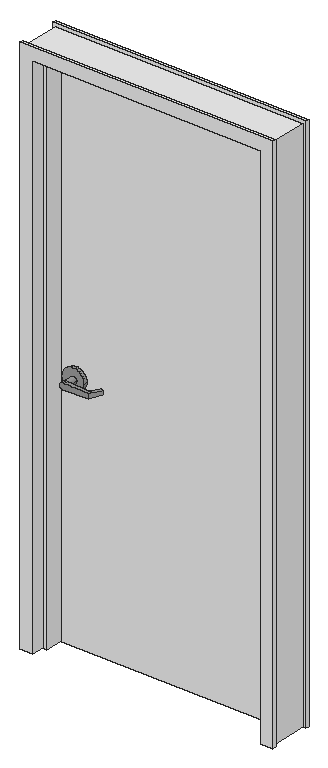
Revit family "Single Door - Swing", category Doors, host Wall, Revit 2022
Family settings
  Host = Wall
  OmniClass Number = 23.30.10.00
  OmniClass Title = Doors
  Always vertical = Yes
  Cut with Voids When Loaded = No
  Shared = No
  Room Calculation Point = No
Parameters (values of type "FL-HM 36x84")
  w1 = if(Exterior, 0' 6", 0' 0")  # 0' - 0"
  Width = 3' - 0"
  Visual Light Transmittance = 0
  URL = ""
  Type Comments = "FL"
  Thickness = 0' - 1 3/4"
  Thermal Resistance (R) = 1.5338 (h·ft²·°F)/BTU
  Solar Heat Gain Coefficient = 0
  Rabbet Depth = Thickness + 0' 0 3/16"  # 0' - 1 15/16"
  Panel Type = Panel : FL
  Panel 180 [instance] = Angle = 180.00°  # no
  Occupant Load [instance] = rounddown(Width / 0' 0 51/256")  # 180
  Model = ""
  Manufacturer = ""
  Keynote = ""
  Height = 7' - 0"
  Heat Transfer Coefficient (U) = 0.6520 BTU/(h·ft²·°F)
  Hardware Height [instance] = 3' - 2"  # constant formula
  Hardware (Push Side) [instance] = Hardware_Lever : Hardware_Lever
  Hardware (Pull Side) [instance] = Hardware_Lever : Hardware_Lever
  Function = Interior
  Frame Outset = 0' - 0 1/2"
  Fire Rating [instance] = ""
  Exterior = no
  Existing [instance] = no
  Description = ""
  Define Thermal Properties by = Schematic Type
  Construction Type = "FL"
  Closer [instance] = yes
  Clearance - Push [instance] = if(Closer, Width + w1 + 1' 0", Width)  # 4' - 0"
  Clearance - Pull [instance] = Width + w1 + 1' 6"  # 4' - 6"
  Assembly Code = "C1020"
  Angle Swing [instance] = Angle Shown + 1.00°  # 91.00°
  Angle Shown [instance] = if(Existing, 45.00°, Angle)  # 90.00°
  Angle [instance] = 90.00°
  Analytic Construction = "Metal"
  ADA Push Side [instance] = yes
  ADA Push [instance] = if(Existing, 1 < 0, ADA Push Side)  # yes
  ADA Pull Side [instance] = yes
  ADA Pull [instance] = if(Existing, 1 < 0, ADA Pull Side)  # yes
  5 ft = 5' - 0"  # constant formula
  4 ft = 4' - 0"  # constant formula
  (mat) Panel2 [instance] = WD-1
  (mat) Panel Glazing [instance] = GL-2 (interior)
  (mat) Panel [instance] = HM-1
  (mat) Hardware = Default
  (mat) Frame [instance] = HM-1
Reference planes (in)
  plane 1: y = 0
  plane 2 "Center (Left/Right)": x = -1
  plane 3 "Wall Edge": y = 3
  plane 4 "Strike": x = -19
  plane 5 "Hinge": x = 17
  plane 6 "Top": z = 84
  plane 7 "Frame Opening Head": z = 86
  plane 8: y = -3
  plane 9 "FO Panel Pull": y = 3.5
  plane 10 "FO Panel Push": y = 1.25
  plane 11: x = 22
Text (in)
  text "Placement Side" at (0, 40.15149, 123.01588), in view "Right"
  text "Placement Side" at (-70.3804, 28.46503, 0), in view "Ref. Level"
  text "Placement Side" at (0, 81.62555, 140.59947), in view "Left"
Dimensions and locks (in)
  locked: plane 3 "Wall Edge" to host wall
  equal spacing: plane 5 "Hinge", plane 2 "Center (Left/Right)", plane 4 "Strike"
  "Width": plane 5 "Hinge" to plane 4 "Strike"
  "Height": level to plane 6 "Top"
  locked: plane 6 "Top" to plane 7 "Frame Opening Head" at 2
  "Frame Outset": plane 3 "Wall Edge" to plane 9 "FO Panel Pull"
  "Thickness": plane 3 "Wall Edge" to plane 10 "FO Panel Push"
  locked: plane 4 "Strike" to nested 4 at 3
  "Hardware Height": level to nested 4
  locked: plane 4 "Strike" to nested 3 at 3
  locked: plane 5 "Hinge" to plane 11 at 5
  aligned and locked: nested 1 to plane 5 "Hinge"
  aligned and locked: plane 8 to host wall
  aligned and locked: plane 2 "Center (Left/Right)" to nested 2
  aligned and locked: plane 3 "Wall Edge" to nested 1
  aligned and locked: plane 3 "Wall Edge" to nested 5
  aligned and locked: nested 5 to plane 5 "Hinge"
  aligned and locked: plane 8 to nested 6
  aligned and locked: plane 5 "Hinge" to nested 6
Nested families (in)
  nested 1: "Panel" at (-19, 3, 0), Width <- "Width", Thickness <- "Thickness", Height <- "Height", type <- "Panel Type", Angle <- "Angle Shown", (mat) Glass <- "(mat) Panel Glazing", (mat) Panel <- "(mat) Panel", (mat) Panel2 <- "(mat) Panel2", type "FL"
    with not 180 Panel yes, Width 3' - 0", Thickness 0' - 1 3/4", Swing yes, Height 7' - 0", Glass Width 1' - 6", Glass Thickness 0' - 0 3/4", Glass Height 2' - 9", Angle Swing 91.00°, Angle 90.00°, 180 Panel no, (mat) Panel2 WD-1, (mat) Panel HM-1, (mat) Glass GL-2 (interior)
  nested 2: "Frame-HM-001" at (1, 1.76059, 0), Width <- "Width", Height <- "Height", Panel Thickness <- "Rabbet Depth", (mat) Frame <- "(mat) Frame", type "Frame-HM-001"
    with Width 3' - 0", Panel Thickness 0' - 1 15/16", Height 7' - 0", Clip Length 0' - 6", (mat) Frame HM-1
  nested 3: "Hardware_Lever" at (-16, 1.25, 38) x (1, 0, 0) z (0, -1, 0), type <- "Hardware (Push Side)", type "Hardware_Lever"
  nested 4: "Hardware_Lever" at (-16, 3, 38) x (1, 0, 0) z (0, 1, 0), type <- "Hardware (Pull Side)", type "Hardware_Lever"
  nested 5: "Clearance - Rect" at (-10, 33, 0), L1 <- "Clearance - Pull", L2 <- "5 ft", visible <- "ADA Pull", type "Clearance - Rect"
    with L2 5' - 0", L1 4' - 6"
  nested 6: "Clearance - Rect" at (-7, -27, 0), L1 <- "Clearance - Push", L2 <- "4 ft", visible <- "ADA Push", type "Clearance - Rect"
    with L2 4' - 0", L1 4' - 0"
Definition of nested family "Panel"
  Parameters (values of type "FL")
    not 180 Panel [instance] = not([180 Panel])  # yes
    Swing [instance] = yes
    Glass Height [instance] = if([4" VP], Glass Height Input, Height - Rail Head - Rail Bottom)  # 2' - 9"
    Description = "Wood Door with Frame"
    Define Thermal Properties by = 1
    4" VP = no
    Width [instance] = 3' - 0"
    URL = ""
    Type Comments = ""
    Thickness [instance] = 0' - 1 3/4"
    Style Right = Style Left  # 0' - 9"
    Style Left = 0' - 9"
    Rail Head = 0' - 9"
    Rail Bottom = 3' - 6"
    Manufacturer = ""
    Height [instance] = 7' - 0"
    Glass Width [instance] = if([4" VP], Glass Width Input, Width - Style Left - Style Right)  # 1' - 6"
    Glass Width Input = 0' - 4"
    Glass Thickness [instance] = 0' - 0 3/4"
    Glass Height Input = 2' - 1"
    Function = (empty or 0)
    Construction Type = ""
    Assembly Code = ""
    Angle Swing [instance] = Angle + 1.00°  # 31.00°
    Angle [instance] = 30.00°
    Analytic Construction = "<None>"
    180 Panel [instance] = Angle = 180.00°  # no
    (mat) Panel2 [instance] = none
    (mat) Panel [instance] = none
    (mat) Glass [instance] = none
  Reference planes (in)
    plane 1 "Exterior": y = 0
    plane 2 "Bottom": z = 0
    plane 3 "Strike": x = 0
    plane 4 "Interior": y = -1.75
    plane 5 "Hinge": x = 36
    plane 6 "Top": z = 84
    plane 7 "Panel Center of Thickness": y = -0.875
    plane 8 "Glass Interior": y = -1.25
    plane 9 "Glass Exterior": y = -0.5
  Forms (in)
    Extrusion 1, solid, material <- "(mat) Panel"
      sketch origin (0, 0, 0) x (1, 0, 0) y (0, 0, 1)
        loop
          line (0, 84) -> (0, 0) -> (36, 0) -> (36, 84) -> (0, 84)
      from 0 to 1.75
  Lines and regions (in)
    reference lines
      curve 1: line (36, 0, 0) -> (-17.69358, 31, 0)
      curve 3: line (36, 0, 0) -> (33.25, -4.76314, 0)
    symbolic lines, visible <- "Swing"
      curve 2: arc (0, 0, 0) -> (1.3093, 9.62058, 0) -> (5.14198, 18.54137, 0) r 36
      curve 4: line (0, -0.875, 84) -> (36, -0.875, 42)
      curve 5: line (36, -0.875, 42) -> (0, -0.875, 0)
    symbolic lines, visible <- "180 Panel"
      curve 6: line (36, 2, 0) -> (72, 2, 0)
  Dimensions and locks (in)
    "Width": plane 3 "Strike" to plane 5 "Hinge"
    "Thickness": plane 4 "Interior" to plane 1 "Exterior"
    "Height": plane 6 "Top" to plane 2 "Bottom"
    equal spacing: plane 4 "Interior", plane 7 "Panel Center of Thickness", plane 1 "Exterior"
    "Glass Thickness": plane 9 "Glass Exterior" to plane 8 "Glass Interior"
    equal spacing: plane 9 "Glass Exterior", plane 7 "Panel Center of Thickness", plane 8 "Glass Interior"
    equal spacing: plane 6 "Top", curve 5, plane 2 "Bottom"
    locked: plane 1 "Exterior" to curve 6 at 2
    "Width": plane 5 "Hinge" to curve 6
    "Width": radius of curve 2
    "Angle Swing": angle curve 2 to curve 2
    "Angle": angle curve 1 to plane 1 "Exterior"
    locked: curve 1 to curve 3 (angle 90.00°)
    aligned and locked: plane 3 "Strike" to Extrusion 1 sketch curve
    aligned and locked: Extrusion 1 sketch curve to plane 6 "Top"
    aligned and locked: level to Extrusion 1 sketch curve
    aligned and locked: Extrusion 1 sketch curve to plane 5 "Hinge"
    aligned and locked: Extrusion 1 to plane 1 "Exterior"
    aligned and locked: plane 4 "Interior" to Extrusion 1
    aligned and locked: level to plane 2 "Bottom"
    aligned and locked: nested 1 to curve 1
    aligned and locked: plane 1 "Exterior" to curve 1
    aligned and locked: plane 5 "Hinge" to curve 1
    aligned and locked: plane 5 "Hinge" to curve 6
  Automatic sketch dimensions
    curve 5 to plane 5 "Hinge" = 0' - 0"
    curve 5 to level = 0' - 0"
    curve 5 to plane 3 "Strike" = 0' - 0"
    curve 4 to plane 3 "Strike" = 0' - 0"
    curve 4 to plane 6 "Top" = 0' - 0"
    plane 1 "Exterior" to curve 2 = 0' - 0"
    curve 2 to plane 3 "Strike" = 0' - 0"
  Nested families (in)
    nested 1: "Panel Plan" at (36, 0, 0) x (-0.866, 0.5, 0) z (0, 0, 1), Width <- "Width", Thickness <- "Thickness", visible <- "not 180 Panel", type "Panel Plan"
      with Width 3' - 0", Thickness 0' - 1 3/4"
  Definition of nested family "Panel Plan"
    Parameters (values of type "Panel Plan")
      Width [instance] = 3' - 0"
      Thickness [instance] = 0' - 1 3/4"
    Reference planes (in)
      plane 1 "Front": y = 0
      plane 2: z = 0
      plane 3 "Left": x = 0
    Lines and regions (in)
      detail lines, in view "Ref. Level"
        curve 1: line (0, 0, 0) -> (36, 0, 0)
        curve 2: line (0, -1.75, 0) -> (0, 0, 0)
        curve 3: line (36, -1.75, 0) -> (0, -1.75, 0)
        curve 4: line (36, 0, 0) -> (36, -1.75, 0)
    Dimensions and locks (in)
      "Thickness": curve 1 to curve 3
      "Width": curve 4 to curve 2
    Automatic sketch dimensions
      curve 3 to plane 3 "Left" = 0' - 0"
      plane 1 "Front" to curve 2 = 0' - 0"
Definition of nested family "Frame-HM-001"
  Parameters (values of type "Frame-HM-001")
    Width [instance] = 3' - 0"
    URL = ""
    Type Comments = ""
    Stop Thickness = 0' - 0 5/8"
    Solar Heat Gain Coefficient = 0
    Product Documentation Link = ""
    Panel Thickness [instance] = 0' - 1 15/16"
    Manufacturer = ""
    Keynote = ""
    Height [instance] = 7' - 0"
    Frame Width Head Face = Frame Width Face  # 0' - 2"
    Frame Width Head = 0' - 1 1/2"
    Frame Width Face = Frame Width + 0' 0 1/2"  # 0' - 2"
    Frame Width = 0' - 1 1/2"
    Description = ""
    Define Thermal Properties by = 1
    Copyright © = ""
    Clip Length [instance] = 0' - 6"
    Backbend Depth = 0' - 0 1/2"
    Assembly Code = ""
    Analytic Construction = "<None>"
    (mat) Frame [instance] = none
  Reference planes (in)
    plane 1: y = -1.76059
    plane 2 "Center (Left/Right)": x = -2
    plane 3 "Wall Edge": y = 0.86441
    plane 4 "Strike": x = -20
    plane 5 "Hinge": x = 16
    plane 6 "Top": z = 84
    plane 7 "Frame-Opening-Right": x = 17.5
    plane 8 "Frame-Opening-Left": x = -21.5
    plane 9 "Frame-Opening-Head": z = 85.5
    plane 10 "Frame-Stop-Exterior": y = -0.57309
    plane 11 "Frame-Stop-Interior": y = -2.94809
    plane 12 "Frame-Stop-Right": x = 15.375
    plane 13 "Frame-Stop-Left": x = -19.375
    plane 14 "Frame-Stop-Head": z = 83.375
    plane 15 "Frame-Wraparound-Exterior": y = 1.36441
    plane 16 "Frame-Backbend-Left": x = -22
    plane 17 "Frame-Backbend-Right": x = 18
    plane 18 "Frame-Wraparound-Interior": y = -4.88559
    plane 19 "Frame-Backbend-Top": z = 86
    plane 20 "Frame-Sill-Bottom": z = 0
    plane 21: y = -4.38559
  Forms (in)
    Sweep 1, solid, material <- "(mat) Frame"
      path in 3D
        loop
          line (16, 0.86441, 0) -> (16, 0.86441, 84) -> (-20, 0.86441, 84) -> (-20, 0.86441, 0)
      profile origin (16, 0.86441, 42) x (0, 1, 0) y (-1, 0, 0)
        loop
          line (0.5, -2) -> (0.5, 0) -> (-1.4375, 0) -> (-1.4375, 0.625) -> (-3.8125, 0.625) -> (-3.8125, 0) -> (-5.75, 0) -> (-5.75, -2) -> (-5.25, -2) -> (-5.25, -1.5) -> (0, -1.5) -> (0, -2) -> (0.5, -2)
  Lines and regions (in)
    Opening 1
      outline origin (-60, -4.38559, 0) x (1, 0, 0) y (0, 0, 1)
        loop
          line (76, 0) -> (76, 84) -> (40, 84) -> (40, 0) -> (76, 0)
    sketch lines
      curve 1: line (16, 0.86441, 0) -> (16, 0.86441, 84)
      curve 2: line (16, 0.86441, 84) -> (-20, 0.86441, 84)
      curve 3: line (-20, 0.86441, 84) -> (-20, 0.86441, 0)
  Text (in)
    text "Placement Side" at (0, 40.15149, 123.01588), in view "Right"
    text "Placement Side" at (-70.3804, 28.46503, 0), in view "Ref. Level"
    text "Placement Side" at (0, 81.62555, 140.59947), in view "Left"
  Dimensions and locks (in)
    locked: plane 3 "Wall Edge" to host wall
    equal spacing: plane 5 "Hinge", plane 2 "Center (Left/Right)", plane 4 "Strike"
    "Width": plane 5 "Hinge" to plane 4 "Strike"
    "Height": level to plane 6 "Top"
    "Frame Width": plane 7 "Frame-Opening-Right" to plane 5 "Hinge"
    "Frame Width": plane 4 "Strike" to plane 8 "Frame-Opening-Left"
    "Frame Width": plane 6 "Top" to plane 9 "Frame-Opening-Head"
    "Panel Thickness": plane 15 "Frame-Wraparound-Exterior" to plane 10 "Frame-Stop-Exterior"
    "Panel Thickness": plane 11 "Frame-Stop-Interior" to plane 18 "Frame-Wraparound-Interior"
    "Stop Thickness": plane 14 "Frame-Stop-Head" to plane 6 "Top"
    "Stop Thickness": plane 12 "Frame-Stop-Right" to plane 5 "Hinge"
    "Stop Thickness": plane 13 "Frame-Stop-Left" to plane 4 "Strike"
    "Frame Width Face": plane 5 "Hinge" to plane 17 "Frame-Backbend-Right"
    "Backbend Depth": plane 15 "Frame-Wraparound-Exterior" to host wall
    "Backbend Depth": plane 18 "Frame-Wraparound-Interior" to host wall
    locked: level to plane 20 "Frame-Sill-Bottom"
    "Frame Width Face": plane 4 "Strike" to plane 16 "Frame-Backbend-Left"
    "Frame Width Head Face": plane 19 "Frame-Backbend-Top" to plane 6 "Top"
    equal spacing: plane 3 "Wall Edge", host wall, plane 21
    aligned and locked: plane 21 to host wall
    aligned and locked: plane 3 "Wall Edge" to nested 1
    aligned and locked: nested 1 to plane 21
    aligned and locked: nested 1 to plane 4 "Strike"
    aligned and locked: nested 2 to plane 5 "Hinge"
    aligned and locked: nested 2 to plane 3 "Wall Edge"
    aligned and locked: plane 21 to nested 2
    aligned and locked: Opening 1 sketch curve to plane 5 "Hinge"
    aligned and locked: plane 6 "Top" to Opening 1 sketch curve
    aligned and locked: plane 4 "Strike" to Opening 1 sketch curve
    aligned and locked: Opening 1 sketch curve to plane 20 "Frame-Sill-Bottom"
    aligned and locked: plane 15 "Frame-Wraparound-Exterior" to Sweep 1 sketch curve
    aligned and locked: profile plane to Sweep 1 sketch curve  (x3)
    aligned and locked: plane 10 "Frame-Stop-Exterior" to Sweep 1 sketch curve
    aligned and locked: plane 12 "Frame-Stop-Right" to Sweep 1 sketch curve
    aligned and locked: Sweep 1 sketch curve to plane 11 "Frame-Stop-Interior"
    aligned and locked: plane 18 "Frame-Wraparound-Interior" to Sweep 1 sketch curve
    aligned and locked: Sweep 1 sketch curve to plane 17 "Frame-Backbend-Right"  (x2)
    aligned and locked: Sweep 1 sketch curve to plane 7 "Frame-Opening-Right"
    aligned and locked: plane 21 to Sweep 1 sketch curve
  Nested families (in)
    nested 1: "(08 12 00) Door Frame (section)" at (-20.86281, -2.26059, 0) x (0, -1, 0) z (0, 0, 1), type "Door Frame"
      with Z Clip Length 0' - 4", Width 0' - 5 1/4", Jamb Clip 2 no, Jamb Clip 1 yes
    nested 2: "(08 12 00) Door Frame (section)" at (16.86281, -2.26059, 0) x (0, -1, 0) z (0, 0, 1), type "Door Frame"
      with Z Clip Length 0' - 4", Width 0' - 5 1/4", Jamb Clip 2 no, Jamb Clip 1 yes
  Definition of nested family "(08 12 00) Door Frame (section)"
    Parameters (values of type "Door Frame")
      Z Clip Length [instance] = 0' - 4"
      Width [instance] = 0' - 5 1/4"
      Rabbit = 0' - 1 15/16"
      Jamb Clip 1 [instance] = yes
      Jamb Clip 2 [instance] = no
      Assembly Code = ""
    Reference planes (in)
      plane 1 "Center (Front/Back)": y = 0
      plane 2: z = 0
      plane 3 "Center (Left/Right)": x = -0.5
      plane 4: x = -3.625
      plane 5: x = 2.625
      plane 6: x = -1.6875
      plane 7: x = 0.6875
      plane 8: x = -3.125
      plane 9: x = 2.125
      plane 10: y = 1.12794
      plane 11: y = 0.62794
      plane 12: y = -0.73781
      plane 13: y = -0.86281
      plane 14: x = -2.5
      plane 15: x = 1.5
    Lines and regions (in)
      Masking region 1, in view "Ref. Level", detail levels fine
        outline origin (0, 0, 0) x (1, 0, 0) y (0, 1, 0)
          loop
            line (-3.125, 1.12794) -> (-3.625, 1.12794) -> (-3.625, -0.86281) -> (-1.6875, -0.86281) -> (-1.6875, -1.48781) -> (0.6875, -1.48781) -> (0.6875, -0.86281) -> (2.625, -0.86281) -> (2.625, 1.12794) -> (2.125, 1.12794) -> (2.125, 0.75294) -> (2.25, 0.75294) -> (2.25, 1.00294) -> (2.5, 1.00294) -> (2.5, -0.73781) -> (0.5625, -0.73781) -> (0.5625, -1.36281) -> (-1.5625, -1.36281) -> (-1.5625, -0.73781) -> (-3.5, -0.73781) -> (-3.5, 1.00294) -> (-3.25, 1.00294) -> (-3.25, 0.75294) -> (-3.125, 0.75294) -> (-3.125, 1.12794)
      Masking region 2, in view "Ref. Level", detail levels medium
        outline origin (0, 0, 0) x (1, 0, 0) y (0, 1, 0)
          loop
            line (-3.125, 1.12794) -> (-3.625, 1.12794) -> (-3.625, -0.86281) -> (-1.6875, -0.86281) -> (-1.6875, -1.48781) -> (0.6875, -1.48781) -> (0.6875, -0.86281) -> (2.625, -0.86281) -> (2.625, 1.12794) -> (2.125, 1.12794) -> (2.125, 0.75294) -> (2.3125, 0.75294) -> (2.3125, 0.94044) -> (2.4375, 0.94044) -> (2.4375, -0.67531) -> (0.5, -0.67531) -> (0.5, -1.30031) -> (-1.5, -1.30031) -> (-1.5, -0.67531) -> (-3.4375, -0.67531) -> (-3.4375, 0.94044) -> (-3.3125, 0.94044) -> (-3.3125, 0.75294) -> (-3.125, 0.75294) -> (-3.125, 1.12794)
      Masking region 3, in view "Ref. Level", visible <- "Jamb Clip 1", detail levels fine
        outline origin (0, 0, 0) x (1, 0, 0) y (0, 1, 0)
          loop
            line (-2.5, 0.62938) -> (-2.5, -0.67531) -> (1.5, -0.67531) -> (1.5, 0.62938) -> (-2.5, 0.62938)
      Masking region 4, in view "Ref. Level", detail levels fine
        outline origin (0, 0, 0) x (1, 0, 0) y (0, 1, 0)
          loop
            line (-1.5625, -1.36281) -> (0.5625, -1.36281) -> (0.5625, -0.73781) -> (-1.5625, -0.73781) -> (-1.5625, -1.36281)
      Masking region 5, in view "Ref. Level", detail levels medium
        outline origin (0, 0, 0) x (1, 0, 0) y (0, 1, 0)
          loop
            line (-1.5, -1.30031) -> (0.5, -1.30031) -> (0.5, -0.73781) -> (-1.5, -0.73781) -> (-1.5, -1.30031)
      Masking region 6, in view "Ref. Level", detail levels medium+fine
        outline origin (0, 0, 0) x (1, 0, 0) y (0, 1, 0)
          loop
            line (-3.4375, 0.62794) -> (-3.4375, -0.67531) -> (2.4375, -0.67531) -> (2.4375, 0.62794) -> (-3.4375, 0.62794)
      Masking region 7, in view "Ref. Level", visible <- "Jamb Clip 2", detail levels medium+fine
        outline origin (0, 0, 0) x (1, 0, 0) y (0, 1, 0)
          loop
            line (-1.5, -1.30031) -> (0.5, -1.30031) -> (0.5, 0.62794) -> (-1.5, 0.62794) -> (-1.5, -1.30031)
      Masking region 8, in view "Ref. Level", not visible, detail levels coarse
        outline origin (0, 0, 0) x (1, 0, 0) y (0, 1, 0)
          loop
            line (-3.625, 1.12794) -> (-3.625, -0.86281) -> (2.625, -0.86281) -> (2.625, 1.12794) -> (-3.625, 1.12794)
      detail lines, in view "Ref. Level", visible <- "Jamb Clip 1", detail levels fine
        curve 1: line (-2.5, -0.67531, 0) -> (1.5, -0.67531, 0)
        curve 2: line (-2.5, 0.62938, 0) -> (1.5, 0.62938, 0)
        curve 3: line (1.5, 0.50438, 0) -> (-2.5, 0.50438, 0)
        curve 16: line (-2.5, -0.55031, 0) -> (1.5, -0.55031, 0)
        curve 17: line (-2.5, 0.62938, 0) -> (-2.5, -0.67531, 0)
        curve 18: line (1.5, 0.62938, 0) -> (1.5, -0.67531, 0)
      detail lines, in view "Ref. Level", detail levels medium+fine
        curve 4: line (-1.75, -1.98781, 0) -> (-1.75, -0.98781, 0)
        curve 5: line (-1.75, -0.98781, 0) -> (-3.5625, -0.98781, 0)
        curve 6: line (-3.5625, -0.98781, 0) -> (-3.5625, -1.98781, 0)
        curve 7: line (-3.125, 1.12794, 0) -> (-3.625, 1.12794, 0)
        curve 8: line (-3.625, 1.12794, 0) -> (-3.625, -0.86281, 0)
        curve 9: line (-3.625, -0.86281, 0) -> (-1.6875, -0.86281, 0)
        curve 10: line (-1.6875, -0.86281, 0) -> (-1.6875, -1.48781, 0)
        curve 11: line (-1.6875, -1.48781, 0) -> (0.6875, -1.48781, 0)
        curve 12: line (0.6875, -1.48781, 0) -> (0.6875, -0.86281, 0)
        curve 13: line (0.6875, -0.86281, 0) -> (2.625, -0.86281, 0)
        curve 14: line (2.625, -0.86281, 0) -> (2.625, 1.12794, 0)
        curve 15: line (2.625, 1.12794, 0) -> (2.125, 1.12794, 0)
      detail lines, in view "Ref. Level", visible <- "Jamb Clip 1", detail levels medium
        curve 19: line (-2.5, -0.48781, 0) -> (1.5, -0.48781, 0)
      detail lines, in view "Ref. Level", visible <- "Jamb Clip 2", detail levels fine
        curve 20: line (-1.5, 0.50438, 0) -> (0.5, 0.50438, 0)
        curve 21: line (-1.5, -1.17531, 0) -> (0.5, -1.17531, 0)
      detail lines, in view "Ref. Level", visible <- "Jamb Clip 2", detail levels medium
        curve 22: line (-1.5, -1.11281, 0) -> (0.5, -1.11281, 0)
      detail lines, in view "Ref. Level", not visible, detail levels coarse
        curve 23: line (-3.125, 1.12794, 0) -> (2.125, 1.12794, 0)
    Dimensions and locks (in)
      Masking region 1 to Masking region 1 = 0' - 1.99075"
      equal spacing: plane 4, plane 3 "Center (Left/Right)", plane 5
      "Rabbit": plane 4 to plane 6
      "Rabbit": plane 7 to plane 5
      locked: plane 4 to plane 8 at 0.5
      locked: plane 9 to plane 5 at 0.5
      locked: plane 10 to plane 11 at 0.5
      curve 2 to plane 12 = 0' - 1 47/128"
      curve 2 to curve 3 = 0' - 0 1/8"
      "Width": plane 8 to plane 9
      equal spacing: plane 14, plane 3 "Center (Left/Right)", plane 15
      "Z Clip Length": plane 14 to plane 15
      aligned and locked: plane 6 to Masking region 1 sketch curve
      aligned and locked: Masking region 1 sketch curve to plane 7
      aligned and locked: plane 9 to Masking region 1
      aligned and locked: Masking region 1 to plane 8
      aligned and locked: plane 10 to Masking region 1
      aligned and locked: Masking region 2 sketch curve to Masking region 1
      aligned and locked: Masking region 2 to plane 4
      aligned and locked: plane 6 to Masking region 2
      aligned and locked: plane 5 to Masking region 2
      aligned and locked: plane 10 to Masking region 2  (x2)
      aligned and locked: Masking region 3 sketch curve to curve 17
      aligned and locked: Masking region 3 sketch curve to curve 1
      aligned and locked: Masking region 3 sketch curve to curve 18
      aligned and locked: Masking region 3 sketch curve to curve 2
      aligned and locked: curve 1 to Masking region 2
      aligned and locked: Masking region 4 sketch curve to Masking region 1  (x3)
      aligned and locked: Masking region 4 sketch curve to plane 12
      aligned and locked: Masking region 5 sketch curve to Masking region 2  (x2)
      aligned and locked: Masking region 2 to Masking region 5 sketch curve
      aligned and locked: Masking region 5 sketch curve to plane 12
      aligned and locked: curve 17 to plane 14
      aligned and locked: curve 18 to plane 15
      aligned and locked: Masking region 6 sketch curve to plane 11
      aligned and locked: Masking region 7 sketch curve to Masking region 2  (x2)
      aligned and locked: plane 11 to Masking region 7 sketch curve
      aligned and locked: Masking region 7 sketch curve to Masking region 5
      aligned and locked: curve 20 to curve 3
      aligned and locked: plane 8 to curve 23
      aligned and locked: plane 9 to curve 23
      aligned and locked: Masking region 6 sketch curve to curve 1
      aligned and locked: Masking region 6 sketch curve to Masking region 2  (x2)
      aligned and locked: Masking region 8 sketch curve to curve 7
      aligned and locked: Masking region 8 sketch curve to curve 8
      aligned and locked: Masking region 8 sketch curve to curve 13
      aligned and locked: Masking region 8 sketch curve to curve 14
      aligned and locked: curve 23 to plane 10
    Automatic sketch dimensions
      Masking region 1 sketch curve to plane 4 = 0' - 0"
      Masking region 1 sketch curve to plane 12 = 0' - 0"  (x2)
      Masking region 1 sketch curve to plane 8 = 0' - 0"
      Masking region 1 sketch curve to plane 9 = 0' - 0"
      Masking region 1 sketch curve to plane 5 = 0' - 0"
      Masking region 1 sketch curve to plane 13 = 0' - 0"  (x2)
      Masking region 1 sketch curve to plane 10 = 0' - 0"  (x2)
      plane 4 to Masking region 1 sketch curve = 0' - 0 1/8"
      plane 8 to Masking region 1 sketch curve = 0' - 0 1/8"
      Masking region 1 sketch curve to plane 6 = 0' - 0 1/8"
      plane 7 to Masking region 1 sketch curve = 0' - 0 1/8"
      Masking region 1 sketch curve to Masking region 1 sketch curve = 0' - 0 1/8"  (x2)
      Masking region 1 sketch curve to plane 5 = 0' - 0 1/8"
      Masking region 1 sketch curve to plane 13 = 0' - 0 1/2"
      plane 11 to Masking region 1 sketch curve = 0' - 0 1/8"  (x2)
      Masking region 1 sketch curve to plane 10 = 0' - 0 1/8"  (x2)
      Masking region 2 sketch curve to plane 4 = 0' - 0"
      Masking region 2 sketch curve to plane 8 = 0' - 0"
      Masking region 2 sketch curve to plane 6 = 0' - 0"
      Masking region 2 sketch curve to plane 7 = 0' - 0"
      Masking region 2 sketch curve to plane 9 = 0' - 0"
      Masking region 2 sketch curve to plane 5 = 0' - 0"
      Masking region 2 sketch curve to plane 13 = 0' - 0"  (x2)
      Masking region 2 sketch curve to plane 10 = 0' - 0"  (x2)
      plane 12 to Masking region 2 sketch curve = 0' - 0 1/16"  (x2)
      plane 4 to Masking region 2 sketch curve = 0' - 0 3/16"
      Masking region 2 sketch curve to Masking region 2 sketch curve = 0' - 0 1/8"  (x2)
      Masking region 2 sketch curve to plane 6 = 0' - 0 3/16"
      plane 7 to Masking region 2 sketch curve = 0' - 0 3/16"
      Masking region 2 sketch curve to Masking region 2 sketch curve = 0' - 0 3/16"  (x2)
      Masking region 2 sketch curve to plane 13 = 0' - 0 7/16"
      plane 11 to Masking region 2 sketch curve = 0' - 0 1/8"
      Masking region 2 sketch curve to plane 10 = 0' - 0 3/16"  (x2)
      curve 7 to plane 4 = 0' - 0"
      curve 11 to plane 6 = 0' - 0"
      curve 12 to plane 7 = 0' - 0"
      curve 15 to plane 5 = 0' - 0"
      curve 13 to plane 13 = 0' - 0"
      curve 10 to plane 13 = 0' - 0"
      plane 4 to curve 6 = 0' - 0 1/16"
      plane 6 to curve 4 = 0' - 0 1/16"
      curve 22 to plane 6 = 0' - 0 3/16"
      curve 20 to plane 6 = 0' - 0 3/16"
      curve 21 to curve 22 = 0' - 0"
      plane 7 to curve 20 = 0' - 0 3/16"
      plane 7 to curve 21 = 0' - 0 3/16"
      curve 22 to curve 21 = 0' - 0"
      curve 4 to plane 13 = 0' - 0 1/8"
      curve 10 to curve 4 = 0' - 0 1/2"
      curve 4 to curve 10 = 0' - 0 1/2"
      curve 6 to curve 5 = 0' - 1"
      curve 21 to plane 13 = 0' - 0 5/16"
      curve 21 to curve 22 = 0' - 0 1/16"
      curve 1 to curve 16 = 0' - 0 1/8"
      curve 16 to curve 19 = 0' - 0 1/16"
Definition of nested family "Hardware_Lever"
  Parameters (values of type "Hardware_Lever")
    Latchset Material [instance] = none
    Height = 0' - 0"
    Default Elevation = 3' - 2"
    Assembly Code = ""
  Reference planes (in)
    plane 1 "Center (Front/Back)": y = 0
    plane 2: z = 0
    plane 3 "Center (Left/Right)": x = 0
  Forms (in)
    Extrusion 1, solid
      sketch origin (0, 0, 0) x (1, 0, 0) y (0, 1, 0)
        loop
          line (-48, 48) -> (-48, -48) -> (48, -48) -> (48, 48) -> (-48, 48)
      from 0 to -12
    Extrusion 2, solid, material <- "Latchset Material", detail levels medium+fine
      sketch origin (0, 0, 0) x (1, 0, 0) y (0, 1, 0)
        loop
          circle (0, 0) r 1.75
      from 0 to 0.5
    Extrusion 3, solid, material <- "Latchset Material", detail levels medium+fine
      sketch origin (0, 0, 0) x (1, 0, 0) y (0, 1, 0)
        loop
          circle (0, 0) r 0.5
      from 0.5 to 2
    Extrusion 4, solid, material <- "Latchset Material", detail levels medium+fine
      sketch origin (0, 0, 0) x (1, 0, 0) y (0, 1, 0)
        loop
          line (4, -0.375) -> (4, 0.375) -> (0.01565, 0.49976)
          arc (0.01565, 0.49976) -> (-0.5, 0) -> (0.01565, -0.49976) r 0.5
          line (0.01565, -0.49976) -> (4, -0.375)
      from 2 to 2.5
    Extrusion 5, solid, material <- "Latchset Material", detail levels medium+fine
      sketch origin (1.85637, 0, 5.91392) x (-0.422618, 0, 0.906308) y (0, 1, 0)
        loop
          line (-4, 0.375) -> (-4.5, 0.375) -> (-6, 0.25) -> (-6, -0.25) -> (-4.5, -0.375) -> (-4, -0.375) -> (-4, 0.375)
      from -0.5 to 0
  Cuts and joins
    joined: Extrusion 2, Extrusion 3, Extrusion 4, Extrusion 5
  Dimensions and locks (in)
    aligned and locked: plane 2 to Extrusion 1
    aligned and locked: level to Extrusion 1
    aligned and locked: Extrusion 3 to Extrusion 2
    aligned and locked: Extrusion 2 to level
Definition of nested family "Clearance - Rect"
  Parameters (values of type "Clearance - Rect")
    L2 [instance] = 3' - 6.23796"
    L1 [instance] = 4' - 10.31325"
  Reference planes (in)
    plane 1 "Center (Front/Back)": y = 0
    plane 2: z = 0
    plane 3 "Center (Left/Right)": x = 0
  Lines and regions (in)
    detail lines, in view "Ref. Level", not visible
      curve 1: line (-29.15663, -21.11898, 0) -> (29.15663, -21.11898, 0)
    detail lines, in view "Ref. Level"
      curve 2: line (-29.15663, 21.11898, 0) -> (-29.15663, -21.11898, 0)
      curve 3: line (29.15663, 21.11898, 0) -> (-29.15663, 21.11898, 0)
      curve 4: line (29.15663, -21.11898, 0) -> (29.15663, 21.11898, 0)
  Dimensions and locks (in)
    "L2": curve 1 to curve 3
    "L1": curve 4 to curve 2
    equal spacing: curve 3, plane 1 "Center (Front/Back)", curve 1
    equal spacing: curve 2, plane 3 "Center (Left/Right)", curve 4
